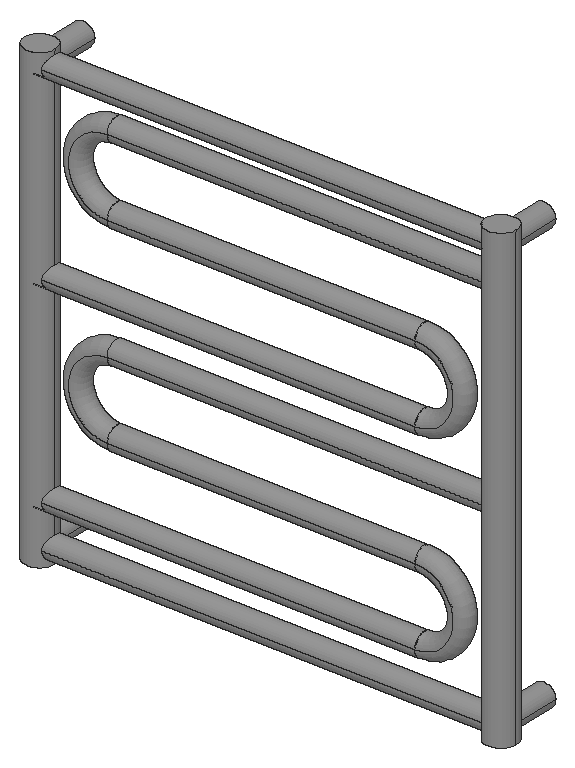
Revit family "Полотенцесушитель 600х600", category Оборудование, Revit 2017
Family settings
  Размер круглого соединителя = Использовать диаметр
  Тип детали = Нормальный
  На основе рабочей плоскости = Нет
  Всегда вертикально = Да
  При загрузке вырезать с полостями = Нет
  Общий = Нет
  Точка расчета площади = Нет
Parameters (values of type "Тип")
  Общ_Ширина = 100.0 mm
  Общ_Тип, марка = ""
  Общ_Примечание КР [instance] = ""
  Общ_Примечание ВК [instance] = ""
  Общ_Примечание АР [instance] = ""
  Общ_Примечание = "Учтено в разделе ВК"
  Общ_Поставщик = ""
  Общ_Позиция = ""
  Общ_Наименование = "Полотенцесушитель"
  Общ_Масса = ""
  Общ_Код продукции = ""
  Общ_Задание [instance] = "ВК"
  Общ_Единицы измерения = "шт."
  Общ_Диаметр ГВ = 12.7 mm
  Общ_Глубина = 600.0 mm
  Общ_Высота = 600.0 mm
  Keynote = ""
  Model = ""
Reference planes
  plane 1 "По центру (Вперед/Назад)": y = 0
  plane 2: z = 0
  plane 3 "По центру (Влево/Вправо)": x = 0
  plane 4: y = -70
  plane 5: x = -300
  plane 6: x = 300
Forms (mm)
  Extrusion 1, solid, material "Сталь, хромированная"
    sketch origin (0, 0, 0) x (1, 0, 0) y (0, 1, 0)
      loop
        circle (-300, -70) r 20
      loop
        circle (300, -70) r 20
    from 0 to 600
  Sweep 2, solid, material "Сталь, хромированная"
    path origin (-620, -70, 1220) x (-1, 0, 0) y (0, 0, 1)
      loop
        line (-320, -1145) -> (-820, -1145)
        arc (-820, -1145) -> (-870, -1095) -> (-820, -1045) r 50
        line (-820, -1045) -> (-420, -1045)
        arc (-420, -1045) -> (-370, -995) -> (-420, -945) r 50
        line (-420, -945) -> (-920, -945)
    profile origin (-50, -70, 75) x (0, 0, -1) y (0, 1, 0)
      loop
        circle (0, 0) r 15
  Sweep 3, solid, material "Сталь, хромированная", detail levels medium+fine
    path origin (-620, -70, 1480) x (-1, 0, 0) y (0, 0, 1)
      loop
        line (-320, -1145) -> (-820, -1145)
        arc (-820, -1145) -> (-870, -1095) -> (-820, -1045) r 50
        line (-820, -1045) -> (-420, -1045)
        arc (-420, -1045) -> (-370, -995) -> (-420, -945) r 50
        line (-420, -945) -> (-920, -945)
    profile origin (-50, -70, 335) x (0, 0, -1) y (0, 1, 0)
      loop
        circle (0, 0) r 15
  Extrusion 4, solid, material "Сталь, хромированная"
    sketch origin (0, 0, 0) x (0, 1, 0) y (0, 0, 1)
      loop
        circle (-70, 20) r 15
      loop
        circle (-70, 580) r 15
    from -300 to 300
  Extrusion 5, solid, material "Сталь, хромированная"
    sketch origin (-620, -70, 1200) x (-1, 0, 0) y (0, 0, 1)
      loop
        circle (-320, -620) r 15
      loop
        circle (-920, -620) r 15
      loop
        circle (-920, -1180) r 15
      loop
        circle (-320, -1180) r 15
    from 0 to 70
Dimensions and locks
  aligned and locked: level to plane 2
Connectors
  piping at (300, 0, 20), diameter 12.7, driven by "Общ_Диаметр ГВ"
    settings: on Extrusion 5, index 1, connector inside diameter 609.6 mm, connector length 0.0 mm, flow factor 0, pipe flow 0.0 L/s, pressure drop 0.0 Pa, fitting loss kfactor 0, connector angle 0.00°, fixture units 0, engagement length 0.0 mm, angle of deflection 0.00°, flow configuration 0, flow direction 2, fitting loss method 0, system type 19, joint type 0, gender type 0, connector reference index -1, connector utility 0, adjustable connector no, is connector primary yes, connector description ""
  piping at (-300, 0, 20), diameter 12.7, driven by "Общ_Диаметр ГВ"
    settings: on Extrusion 5, index 2, connector inside diameter 609.6 mm, connector length 0.0 mm, flow factor 0, pipe flow 0.0 L/s, pressure drop 0.0 Pa, fitting loss kfactor 0, connector angle 0.00°, fixture units 0, engagement length 0.0 mm, angle of deflection 0.00°, flow configuration 0, flow direction 1, fitting loss method 0, system type 19, joint type 0, gender type 0, connector reference index -1, connector utility 0, adjustable connector no, is connector primary no, connector description ""
